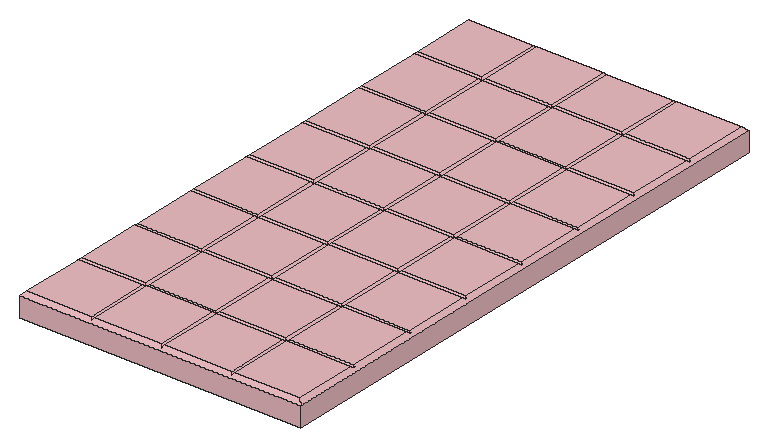
Revit family "GRID 2ft x 4ft", category Specialty Equipment, Revit 2023
Family settings
  Round Connector Dimension = Use Diameter
  Part Type = Normal
  OmniClass Number = 23.35.00.00
  OmniClass Title = Covering, Cladding, and Finishes
  Work Plane-Based = Yes
  Enable Cutting in Views = Yes
  Always vertical = No
  Cut with Voids When Loaded = No
  Maintain Annotation Orientation = No
  Shared = No
  Room Calculation Point = No
Parameters (values of type "2 INCH THICK - CUSTOM PAINTED - STANDARD")
  URL = "https://www.acousticalsurfaces.com/envirocoustic-wood-wool/designs/"
  Type Comments = "Acoustic panels for vertical and horizontal surfaces"
  Thickness = 0' - 2"
  Recycled Content Percentage = "0%"
  Model = "Envirocoustic Wood Wool"
  Material = "Envirocoustic Wood Wool"
  Manufacturer = "Acoustical Surfaces, Inc."
  Fire Rating = "ASTM E84 - Class A"
  Finish = Paint - Acoustical-Surfaces - Custom Painted
  Description = "Acoustic Panels"
  Default Elevation = 0' - 0"
  Backer Thickness = 0' - 1"
  Backer = no
  Assembly Code = "C30"
  Acoustics - NRC = "Sound absorption varies from NRC 0.45 to 0.95 based on installation method used when tested per ASTM C423."
Types (27): name | Thickness | Finish | Backer Thickness | Backer
  2 INCH THICK - CUSTOM PAINTED - STANDARD | 0' - 2" | Paint - Acoustical-Surfaces - Custom Painted | 0' - 1" | no
  2 INCH THICK - PRIMED WHITE - STANDARD | 0' - 2" | Paint - Acoustical-Surfaces - Primed White | 0' - 1" | no
  2 INCH THICK - PRIMED CLEAR - STANDARD | 0' - 2" | Paint - Acoustical-Surfaces - Primed Clear | 0' - 1" | no
  2 INCH THICK - PRIMED WHITE - 2 INCH CFAB BACKER | 0' - 2" | Paint - Acoustical-Surfaces - Primed White | 0' - 2" | yes
  2 INCH THICK - PRIMED WHITE - 1 INCH CFAB BACKER | 0' - 2" | Paint - Acoustical-Surfaces - Primed White | 0' - 1" | yes
  2 INCH THICK - PRIMED CLEAR - 2 INCH CFAB BACKER | 0' - 2" | Paint - Acoustical-Surfaces - Primed Clear | 0' - 2" | yes
  2 INCH THICK - PRIMED CLEAR - 1 INCH CFAB BACKER | 0' - 2" | Paint - Acoustical-Surfaces - Primed Clear | 0' - 1" | yes
  2 INCH THICK - CUSTOM PAINTED - 2 INCH CFAB BACKER | 0' - 2" | Paint - Acoustical-Surfaces - Custom Painted | 0' - 2" | yes
  2 INCH THICK - CUSTOM PAINTED - 1 INCH CFAB BACKER | 0' - 2" | Paint - Acoustical-Surfaces - Custom Painted | 0' - 1" | yes
  1-3/8 INCH THICK - CUSTOM PAINTED - STANDARD | 0' - 1 3/8" | Paint - Acoustical-Surfaces - Custom Painted | 0' - 1" | no
  1-3/8 INCH THICK - PRIMED WHITE - STANDARD | 0' - 1 3/8" | Paint - Acoustical-Surfaces - Primed White | 0' - 1" | no
  1-3/8 INCH THICK - PRIMED CLEAR - STANDARD | 0' - 1 3/8" | Paint - Acoustical-Surfaces - Primed Clear | 0' - 1" | no
  1-3/8 INCH THICK - PRIMED WHITE - 2 INCH CFAB BACKER | 0' - 1 3/8" | Paint - Acoustical-Surfaces - Primed White | 0' - 2" | yes
  1-3/8 INCH THICK - PRIMED WHITE - 1 INCH CFAB BACKER | 0' - 1 3/8" | Paint - Acoustical-Surfaces - Primed White | 0' - 1" | yes
  1-3/8 INCH THICK - PRIMED CLEAR - 2 INCH CFAB BACKER | 0' - 1 3/8" | Paint - Acoustical-Surfaces - Primed Clear | 0' - 2" | yes
  1-3/8 INCH THICK - PRIMED CLEAR - 1 INCH CFAB BACKER | 0' - 1 3/8" | Paint - Acoustical-Surfaces - Primed Clear | 0' - 1" | yes
  1-3/8 INCH THICK - CUSTOM PAINTED - 2 INCH CFAB BACKER | 0' - 1 3/8" | Paint - Acoustical-Surfaces - Custom Painted | 0' - 2" | yes
  1-3/8 INCH THICK - CUSTOM PAINTED - 1 INCH CFAB BACKER | 0' - 1 3/8" | Paint - Acoustical-Surfaces - Custom Painted | 0' - 1" | yes
  1 INCH THICK - CUSTOM PAINTED - STANDARD | 0' - 1" | Paint - Acoustical-Surfaces - Custom Painted | 0' - 1" | no
  1 INCH THICK - PRIMED WHITE - STANDARD | 0' - 1" | Paint - Acoustical-Surfaces - Primed White | 0' - 1" | no
  1 INCH THICK - PRIMED CLEAR - STANDARD | 0' - 1" | Paint - Acoustical-Surfaces - Primed Clear | 0' - 1" | no
  1 INCH THICK - PRIMED WHITE - 2 INCH CFAB BACKER | 0' - 1" | Paint - Acoustical-Surfaces - Primed White | 0' - 2" | yes
  1 INCH THICK - PRIMED WHITE - 1 INCH CFAB BACKER | 0' - 1" | Paint - Acoustical-Surfaces - Primed White | 0' - 1" | yes
  1 INCH THICK - PRIMED CLEAR - 2 INCH CFAB BACKER | 0' - 1" | Paint - Acoustical-Surfaces - Primed Clear | 0' - 2" | yes
  1 INCH THICK - PRIMED CLEAR - 1 INCH CFAB BACKER | 0' - 1" | Paint - Acoustical-Surfaces - Primed Clear | 0' - 1" | yes
  1 INCH THICK - CUSTOM PAINTED - 2 INCH CFAB BACKER | 0' - 1" | Paint - Acoustical-Surfaces - Custom Painted | 0' - 2" | yes
  1 INCH THICK - CUSTOM PAINTED - 1 INCH CFAB BACKER | 0' - 1" | Paint - Acoustical-Surfaces - Custom Painted | 0' - 1" | yes
Reference planes (in)
  plane 1 "Center (Front/Back)": y = 0
  plane 2: z = 0
  plane 3 "Center (Left/Right)": x = 0
  plane 4: x = -12
  plane 5: x = 12
  plane 6: y = 24
  plane 7: y = -24
  plane 8: z = 2
  plane 9: z = -1
Forms (in)
  Extrusion 1, solid, material "Paint - Acoustical-Surfaces - Custom Painted" <- "Finish"
    sketch origin (0, 0, 0) x (1, 0, 0) y (0, 1, 0)
      loop
        line (12, 24) -> (-12, 24) -> (-12, -24) -> (12, -24) -> (12, 24)
    from 0 to 2
  Sweep 2, void
    path in 3D
      loop
        line (12, 24, 2) -> (-12, 24, 2) -> (-12, -24, 2) -> (12, -24, 2) -> (12, 24, 2)
    profile "Triangle : Family2" origin (12, 0, 2) x (-1, 0, 0) y (0, 0, 1)
      loop
        line (0, 0) -> (0, -0.315) -> (0.315, 0) -> (0, 0)
  Extrusion 3, solid, visible <- "Backer"
    sketch origin (0, 0, 0) x (1, 0, 0) y (0, 1, 0)
      loop
        line (12, 24) -> (-12, 24) -> (-12, -24) -> (12, -24) -> (12, 24)
    from 0 to -1
  Sweep 4, void
    path origin (0, 0, 2) x (1, 0, 0) y (0, 1, 0)
      loop
        line (-6.00002, 24) -> (-6.00002, -24)
    profile "Groove : Family2" origin (-6.00002, 0, 2) x (1, 0, 0) y (0, 0, 1)
      loop
        line (-0.1575, 0) -> (0, -0.1575) -> (0.1575, 0) -> (-0.1575, 0)
  Sweep 5, void
    path origin (6.00002, 0, 2) x (1, 0, 0) y (0, 1, 0)
      loop
        line (-6.00002, 24) -> (-6.00002, -24)
    profile "Groove : Family2" origin (0, 0, 2) x (1, 0, 0) y (0, 0, 1)
      loop
        line (-0.1575, 0) -> (0, -0.1575) -> (0.1575, 0) -> (-0.1575, 0)
  Sweep 6, void
    path origin (12.00004, 0, 2) x (1, 0, 0) y (0, 1, 0)
      loop
        line (-6.00002, 24) -> (-6.00002, -24)
    profile "Groove : Family2" origin (6.00002, 0, 2) x (1, 0, 0) y (0, 0, 1)
      loop
        line (-0.1575, 0) -> (0, -0.1575) -> (0.1575, 0) -> (-0.1575, 0)
  Sweep 7, void
    path origin (0, 0, 2) x (1, 0, 0) y (0, 1, 0)
      loop
        line (12, 18) -> (-12, 18)
    profile "Groove : Family2" origin (0, 18, 2) x (0, -1, 0) y (0, 0, 1)
      loop
        line (-0.1575, 0) -> (0, -0.1575) -> (0.1575, 0) -> (-0.1575, 0)
  Sweep 8, void
    path origin (0, -6, 2) x (1, 0, 0) y (0, 1, 0)
      loop
        line (12, 18) -> (-12, 18)
    profile "Groove : Family2" origin (0, 12, 2) x (0, -1, 0) y (0, 0, 1)
      loop
        line (-0.1575, 0) -> (0, -0.1575) -> (0.1575, 0) -> (-0.1575, 0)
  Sweep 9, void
    path origin (0, -12, 2) x (1, 0, 0) y (0, 1, 0)
      loop
        line (12, -6) -> (-12, -6)
    profile "Groove : Family2" origin (0, -18, 2) x (0, -1, 0) y (0, 0, 1)
      loop
        line (-0.1575, 0) -> (0, -0.1575) -> (0.1575, 0) -> (-0.1575, 0)
  Sweep 10, void
    path origin (0, -12, 2) x (1, 0, 0) y (0, 1, 0)
      loop
        line (12, 18) -> (-12, 18)
    profile "Groove : Family2" origin (0, 6, 2) x (0, -1, 0) y (0, 0, 1)
      loop
        line (-0.1575, 0) -> (0, -0.1575) -> (0.1575, 0) -> (-0.1575, 0)
  Sweep 11, void
    path origin (0, -18, 2) x (1, 0, 0) y (0, 1, 0)
      loop
        line (12, 18) -> (-12, 18)
    profile "Groove : Family2" origin (0, 0, 2) x (0, -1, 0) y (0, 0, 1)
      loop
        line (-0.1575, 0) -> (0, -0.1575) -> (0.1575, 0) -> (-0.1575, 0)
  Sweep 12, void
    path origin (0, -24, 2) x (1, 0, 0) y (0, 1, 0)
      loop
        line (12, 18) -> (-12, 18)
    profile "Groove : Family2" origin (0, -6, 2) x (0, -1, 0) y (0, 0, 1)
      loop
        line (-0.1575, 0) -> (0, -0.1575) -> (0.1575, 0) -> (-0.1575, 0)
  Sweep 13, void
    path origin (0, -30, 2) x (1, 0, 0) y (0, 1, 0)
      loop
        line (12, 18) -> (-12, 18)
    profile "Groove : Family2" origin (0, -12, 2) x (0, -1, 0) y (0, 0, 1)
      loop
        line (-0.1575, 0) -> (0, -0.1575) -> (0.1575, 0) -> (-0.1575, 0)
Cuts and joins
  Sweep 2, Sweep 4, Sweep 5, Sweep 6, Sweep 7, Sweep 8, Sweep 9, Sweep 10, Sweep 11, Sweep 12, Sweep 13 cuts Extrusion 1
  Sweep 10 cuts Extrusion 3
Lines and regions (in)
  sketch lines
    curve 1: line (12, -24, 2) -> (12, 24, 2)
    curve 2: line (-12, -24, 2) -> (12, -24, 2)
    curve 3: line (-12, 24, 2) -> (-12, -24, 2)
    curve 4: line (12, 24, 2) -> (-12, 24, 2)
Dimensions and locks (in)
  equal spacing: plane 4, plane 3 "Center (Left/Right)", plane 5
  equal spacing: plane 7, plane 1 "Center (Front/Back)", plane 6
  plane 7 to plane 6 = 4' - 0"
  locked: plane 4 to plane 5 at 24
  "Thickness": plane 8 to level
  "Backer Thickness": level to plane 9
  aligned and locked: level to plane 2
  aligned and locked: Extrusion 1 sketch curve to plane 4
  aligned and locked: plane 5 to Extrusion 1 sketch curve
  aligned and locked: Extrusion 1 sketch curve to plane 6
  aligned and locked: Extrusion 1 sketch curve to plane 7
  aligned and locked: Extrusion 1 to plane 8
  aligned and locked: Extrusion 3 sketch curve to plane 4
  aligned and locked: plane 5 to Extrusion 3 sketch curve
  aligned and locked: Extrusion 3 sketch curve to plane 6
  aligned and locked: Extrusion 3 sketch curve to plane 7
  aligned and locked: plane 9 to Extrusion 3
Automatic sketch dimensions
  Extrusion 1 to Sweep 4 sketch curve = 0' - 0"
  Sweep 4 sketch curve to Extrusion 1 = 0' - 0"
  Sweep 4 sketch curve to Extrusion 1 = 0' - 6"
  Extrusion 1 to Sweep 5 sketch curve = 0' - 0"
  Sweep 5 sketch curve to Extrusion 1 = 0' - 0"
  Sweep 5 sketch curve to Extrusion 1 = 1' - 0"
  Extrusion 1 to Sweep 6 sketch curve = 0' - 0"
  Sweep 6 sketch curve to Extrusion 1 = 0' - 0"
  Sweep 6 sketch curve to Extrusion 1 = 0' - 5.99998"
  Sweep 7 sketch curve to Extrusion 1 = 0' - 0"  (x2)
  Sweep 7 sketch curve to Extrusion 1 = 0' - 6"
  Sweep 8 sketch curve to Extrusion 1 = 0' - 0"  (x2)
  Sweep 8 sketch curve to Extrusion 1 = 1' - 0"
  Sweep 9 sketch curve to Extrusion 1 = 0' - 0"  (x2)
  Sweep 9 sketch curve to Extrusion 1 = 0' - 6"
  Sweep 10 sketch curve to Extrusion 1 = 0' - 0"  (x2)
  Sweep 10 sketch curve to Extrusion 1 = 1' - 6"
  Sweep 11 sketch curve to Extrusion 1 = 0' - 0"  (x2)
  Sweep 11 sketch curve to Extrusion 1 = 2' - 0"
  Sweep 12 sketch curve to Extrusion 1 = 0' - 0"  (x2)
  Sweep 12 sketch curve to Extrusion 1 = 1' - 6"
  Sweep 13 sketch curve to Extrusion 1 = 0' - 0"  (x2)
  Sweep 13 sketch curve to Extrusion 1 = 1' - 0"
